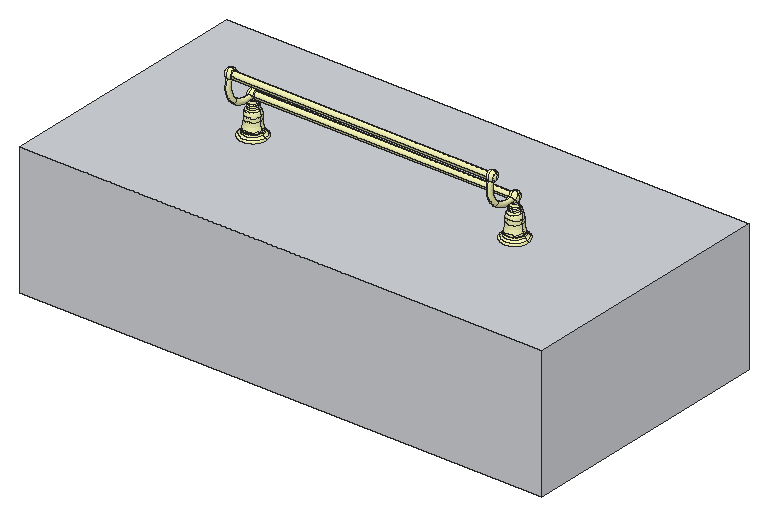
Revit family
Parameters (values of type "Nickel-Vibrant_Brushed_Nickel-BN")
  Width = 2' - 0"
  URL = "http://www.us.kohler.com"
  Product Page URL = "http://www.us.kohler.com/onlinecatalog/detail.jsp?prod_num=13503"
  Product Documentation Link = "http://www.us.kohler.com/onlinecatalog/pdf/1116341_4.pdf"
  Model = "K-13503"  # constant formula
  Manufacturer = "Kohler"  # constant formula
  Length = 0' - 6 11/16"
  Height = 0' - 4 5/16"
  Finish = Nickel-Kohler-BN-Vibrant_Brushed_Nickel
  Description = "Kelston 24inch double towel bar"  # constant formula
  Default Elevation = 0' - 0"
  Created By = "http://medialab3dstudio.com/"
  Assembly Code = "C1030200"
  ADA Compliant = no
Reference planes (in)
  plane 1 "Center (Front/Back)": y = 0
  plane 2 "Back": z = 0
  plane 3 "Center (Left/Right)": x = 0
  plane 4 "Left/Center": x = -12
  plane 5 "Right/Center": x = 12
  plane 6 "Top": y = 1.21847
  plane 7 "1": y = -1.21847
  plane 8 "3": z = 3.875
  plane 9: z = 3.39995
  plane 10: z = 5.93709
  plane 11: z = 6.16548
  plane 12: x = -13.23194
  plane 13: x = 13.23194
  plane 14 "Front": z = 6.6875
  plane 15 "Bottom": y = -3.09403
Forms (in)
  Extrusion 1, solid
    sketch origin (0, 0, 0) x (1, 0, 0) y (0, 1, 0)
      loop
        line (-24, 12) -> (-24, -11.71124) -> (23.84302, -11.71124) -> (23.84302, 12) -> (-24, 12)
    from 0 to -12
  Extrusion 2, solid, material "Nickel-Kohler-BN-Vibrant_Brushed_Nickel" <- "Finish"
    sketch origin (0, 0, 0) x (0, 1, 0) y (0, 0, 1)
      loop
        arc (0.30282, 3.39995) -> (0.21412, 3.61407) -> (0, 3.70276) r 0.30282
        arc (0, 3.70276) -> (-0.21412, 3.61407) -> (-0.30282, 3.39995) r 0.30282
        arc (-0.30282, 3.39995) -> (-0.21412, 3.18582) -> (0, 3.09713) r 0.30282
        arc (0, 3.09713) -> (0.21412, 3.18582) -> (0.30282, 3.39995) r 0.30282
    from -12 to 12
  Sweep 3, solid, material "Nickel-Kohler-BN-Vibrant_Brushed_Nickel" <- "Finish"
    path origin (-3, 0, 0) x (0, 1, 0) y (0, 0, 1)
      loop
        arc (-2.75013, 5.91998) -> (-2.83271, 4.80006) -> (-2.25175, 3.83906) r 1.84818
        arc (-2.25175, 3.83906) -> (-1.33087, 3.36423) -> (-0.29481, 3.37306) r 2.15913
    profile origin (-3, -2.83271, 4.80006) x (0, 0.972498, 0.232912) y (1, 0, 0)
      loop
        circle (0, -9) r 0.21143
  Revolve 4, solid, material "Nickel-Kohler-BN-Vibrant_Brushed_Nickel" <- "Finish"
    sketch origin (-12, -2.57239, -0.02977) x (1, 0, 0) y (0, 0, 1)
      loop
        line (-0.40099, 6.25996) -> (0.24386, 6.25996) -> (0.24386, 6.59502)
        arc (0.24386, 6.59502) -> (0.12774, 6.6902) -> (-0.01981, 6.71797) r 0.30307
        arc (-0.01981, 6.71797) -> (-0.17539, 6.67528) -> (-0.30137, 6.5745) r 0.39917
        arc (-0.30137, 6.5745) -> (-0.38191, 6.42696) -> (-0.40099, 6.25996) r 0.43832
      axis (-0.40099, 6.25996) -> (0.24386, 6.25996)
    angle from 0 to 360
  Sweep 5, solid, material "Nickel-Kohler-BN-Vibrant_Brushed_Nickel" <- "Finish"
    path origin (12, 0, 0) x (0, 1, 0) y (0, 0, -1)
      loop
        arc (-2.75013, -5.91998) -> (-2.83271, -4.80006) -> (-2.25175, -3.83906) r 1.84818
        arc (-2.25175, -3.83906) -> (-1.33087, -3.36423) -> (-0.29481, -3.37306) r 2.15913
    profile origin (12, -2.83271, 4.80006) x (0, -0.972498, -0.232912) y (-1, 0, 0)
      loop
        circle (0, 0) r 0.21143
  Revolve 6, solid, material "Nickel-Kohler-BN-Vibrant_Brushed_Nickel" <- "Finish"
    sketch origin (6, -2.57239, -0.02977) x (-1, 0, 0) y (0, 0, -1)
      loop
        arc (-6.40099, -6.25996) -> (-6.38191, -6.42696) -> (-6.30137, -6.5745) r 0.43832
        arc (-6.30137, -6.5745) -> (-6.17539, -6.67528) -> (-6.0198, -6.71797) r 0.39917
        arc (-6.0198, -6.71797) -> (-5.87225, -6.6902) -> (-5.75614, -6.59502) r 0.30307
        line (-5.75614, -6.59502) -> (-5.75614, -6.25996) -> (-6.40099, -6.25996)
      axis (-6.40099, -6.25996) -> (-5.75614, -6.25996)
    angle from 0 to 360
  Extrusion 7, solid, material "Nickel-Kohler-BN-Vibrant_Brushed_Nickel" <- "Finish"
    sketch origin (0, -2.57196, 2.76554) x (0, 1, 0) y (0, 0, 1)
      loop
        arc (0.30282, 3.39995) -> (0.21412, 3.61407) -> (0, 3.70276) r 0.30282
        arc (0, 3.70276) -> (-0.21412, 3.61407) -> (-0.30282, 3.39995) r 0.30282
        arc (-0.30282, 3.39995) -> (-0.21412, 3.18582) -> (0, 3.09713) r 0.30282
        arc (0, 3.09713) -> (0.21412, 3.18582) -> (0.30282, 3.39995) r 0.30282
    from -12 to 12
Cuts and joins
  joined: Sweep 3, Revolve 4, Sweep 5, Revolve 6, Extrusion 7
Lines and regions (in)
  Masking region 1, detail levels medium+fine
    outline origin (0, 0, 0) x (1, 0, 0) y (0, 0, 1)
      loop
        line (-13.205, 0) -> (-12, 0) -> (-10.795, 0)
        arc (-10.795, 0) -> (-10.82927, 0.08442) -> (-10.91109, 0.1245) r 0.12769
        arc (-10.91109, 0.1245) -> (-11.0317, 0.21839) -> (-11.11247, 0.34815) r 0.4358
        arc (-11.11247, 0.34815) -> (-11.13446, 0.40388) -> (-11.18067, 0.44202) r 0.11991
        arc (-11.18067, 0.44202) -> (-11.20461, 0.47615) -> (-11.21257, 0.51707) r 0.10007
        line (-11.21257, 0.51707) -> (-11.21037, 0.64088)
        arc (-11.21037, 0.64088) -> (-11.30627, 1.01491) -> (-11.32811, 1.40042) r 1.98943
        line (-11.32811, 1.40042) -> (-11.32347, 1.75014)
        arc (-11.32347, 1.75014) -> (-11.34473, 1.94982) -> (-11.4126, 2.13881) r 0.84336
        line (-11.4126, 2.13881) -> (-11.53367, 2.35256)
        arc (-11.53367, 2.35256) -> (-11.54505, 2.42376) -> (-11.54369, 2.49585) r 0.40715
        arc (-11.54369, 2.49585) -> (-11.54917, 2.53703) -> (-11.57303, 2.57103) r 0.08744
        line (-11.57303, 2.57103) -> (-11.65404, 2.65446)
        arc (-11.65404, 2.65446) -> (-11.72922, 2.80679) -> (-11.71335, 2.97591) r 0.31166
        arc (-11.71335, 2.97591) -> (-11.71725, 3.05011) -> (-11.77529, 3.09651) r 0.09071
        line (-11.77529, 3.09651) -> (11.77529, 3.09651)
        arc (11.77529, 3.09651) -> (11.71725, 3.05011) -> (11.71335, 2.97591) r 0.09071
        arc (11.71335, 2.97591) -> (11.72922, 2.80679) -> (11.65404, 2.65446) r 0.31166
        line (11.65404, 2.65446) -> (11.57303, 2.57103)
        arc (11.57303, 2.57103) -> (11.54917, 2.53703) -> (11.54369, 2.49585) r 0.08744
        arc (11.54369, 2.49585) -> (11.54505, 2.42376) -> (11.53367, 2.35256) r 0.40715
        line (11.53367, 2.35256) -> (11.4126, 2.13881)
        arc (11.4126, 2.13881) -> (11.34473, 1.94982) -> (11.32347, 1.75014) r 0.84336
        line (11.32347, 1.75014) -> (11.32811, 1.40042)
        arc (11.32811, 1.40042) -> (11.30627, 1.01491) -> (11.21037, 0.64088) r 1.98943
        line (11.21037, 0.64088) -> (11.21257, 0.51707)
        arc (11.21257, 0.51707) -> (11.20461, 0.47615) -> (11.18067, 0.44202) r 0.10007
        arc (11.18067, 0.44202) -> (11.13446, 0.40388) -> (11.11247, 0.34815) r 0.11991
        arc (11.11247, 0.34815) -> (11.0317, 0.21839) -> (10.91109, 0.1245) r 0.4358
        arc (10.91109, 0.1245) -> (10.82927, 0.08442) -> (10.795, 0) r 0.12769
        line (10.795, 0) -> (12.02694, 0) -> (13.23194, 0)
        arc (13.23194, 0) -> (13.19767, 0.08442) -> (13.11585, 0.1245) r 0.12769
        arc (13.11585, 0.1245) -> (12.99524, 0.21839) -> (12.91447, 0.34815) r 0.4358
        arc (12.91447, 0.34815) -> (12.89248, 0.40388) -> (12.84627, 0.44202) r 0.11991
        arc (12.84627, 0.44202) -> (12.82233, 0.47615) -> (12.81437, 0.51707) r 0.10007
        line (12.81437, 0.51707) -> (12.81657, 0.64088)
        arc (12.81657, 0.64088) -> (12.72067, 1.01491) -> (12.69883, 1.40042) r 1.98943
        line (12.69883, 1.40042) -> (12.70347, 1.75014)
        arc (12.70347, 1.75014) -> (12.68221, 1.94982) -> (12.61434, 2.13881) r 0.84336
        line (12.61434, 2.13881) -> (12.49327, 2.35256)
        arc (12.49327, 2.35256) -> (12.4819, 2.42376) -> (12.48325, 2.49585) r 0.40715
        arc (12.48325, 2.49585) -> (12.47777, 2.53703) -> (12.45391, 2.57103) r 0.08744
        line (12.45391, 2.57103) -> (12.3729, 2.65446)
        arc (12.3729, 2.65446) -> (12.29772, 2.80679) -> (12.31359, 2.97591) r 0.31166
        arc (12.31359, 2.97591) -> (12.30969, 3.05011) -> (12.25165, 3.09651) r 0.09071
        line (12.25165, 3.09651) -> (12.31007, 3.09651)
        arc (12.31007, 3.09651) -> (12.36856, 3.24414) -> (12.39919, 3.39995) r 0.86885
        arc (12.39919, 3.39995) -> (12.36099, 3.62205) -> (12.213, 3.79203) r 0.41794
        line (12.213, 3.79203) -> (12.213, 5.83821)
        arc (12.213, 5.83821) -> (12.33684, 5.98928) -> (12.40266, 6.1732) r 0.57234
        arc (12.40266, 6.1732) -> (12.31378, 6.51763) -> (12, 6.68517) r 0.4422
        arc (12, 6.68517) -> (11.86196, 6.65895) -> (11.75614, 6.56653) r 0.26813
        line (11.75614, 6.56653) -> (11.75614, 6.53337) -> (-11.7292, 6.53337) -> (-11.7292, 6.56525)
        arc (-11.7292, 6.56525) -> (-11.83783, 6.6529) -> (-11.97306, 6.6875) r 0.32826
        arc (-11.97306, 6.6875) -> (-12.28562, 6.51493) -> (-12.36859, 6.16766) r 0.44186
        arc (-12.36859, 6.16766) -> (-12.33148, 5.94442) -> (-12.18522, 5.77172) r 0.42581
        line (-12.18522, 5.77172) -> (-12.18522, 3.79116)
        arc (-12.18522, 3.79116) -> (-12.33499, 3.62188) -> (-12.37781, 3.39995) r 0.42854
        arc (-12.37781, 3.39995) -> (-12.35483, 3.24063) -> (-12.28313, 3.09651) r 0.50772
        line (-12.28313, 3.09651) -> (-12.22471, 3.09651)
        arc (-12.22471, 3.09651) -> (-12.28275, 3.05011) -> (-12.28665, 2.97591) r 0.09071
        arc (-12.28665, 2.97591) -> (-12.27078, 2.80679) -> (-12.34596, 2.65446) r 0.31166
        line (-12.34596, 2.65446) -> (-12.42697, 2.57103)
        arc (-12.42697, 2.57103) -> (-12.45083, 2.53703) -> (-12.45631, 2.49585) r 0.08744
        arc (-12.45631, 2.49585) -> (-12.45495, 2.42376) -> (-12.46633, 2.35256) r 0.40715
        line (-12.46633, 2.35256) -> (-12.5874, 2.13881)
        arc (-12.5874, 2.13881) -> (-12.65527, 1.94982) -> (-12.67653, 1.75014) r 0.84336
        line (-12.67653, 1.75014) -> (-12.67189, 1.40042)
        arc (-12.67189, 1.40042) -> (-12.69373, 1.01491) -> (-12.78963, 0.64088) r 1.98943
        line (-12.78963, 0.64088) -> (-12.78743, 0.51707)
        arc (-12.78743, 0.51707) -> (-12.79539, 0.47615) -> (-12.81933, 0.44202) r 0.10007
        arc (-12.81933, 0.44202) -> (-12.86554, 0.40388) -> (-12.88753, 0.34815) r 0.11991
        arc (-12.88753, 0.34815) -> (-12.9683, 0.21839) -> (-13.08891, 0.1245) r 0.4358
        arc (-13.08891, 0.1245) -> (-13.17073, 0.08442) -> (-13.205, 0) r 0.12769
      loop
        arc (-11.76377, 3.7796) -> (-11.7427, 3.76204) -> (-11.72295, 3.74303) r 0.38319
        line (-11.72295, 3.74303) -> (-11.72295, 3.70541) -> (11.74989, 3.70541) -> (11.74989, 3.74303)
        arc (11.74989, 3.74303) -> (11.76924, 3.76246) -> (11.79001, 3.78038) r 0.36246
        line (11.79001, 3.78038) -> (11.79001, 5.79557)
        arc (11.79001, 5.79557) -> (11.77247, 5.81222) -> (11.75614, 5.83006) r 0.34747
        line (11.75614, 5.83006) -> (11.75614, 5.86267) -> (-11.73116, 5.86267) -> (-11.73116, 5.82681)
        arc (-11.73116, 5.82681) -> (-11.74482, 5.80786) -> (-11.76377, 5.7942) r 0.0729
        line (-11.76377, 5.7942) -> (-11.76377, 3.7796)
  Masking region 2, detail levels coarse
    outline origin (0, 0, 0) x (1, 0, 0) y (0, 0, 1)
      loop
        line (-13.23194, 6.6875) -> (-13.23194, 0) -> (13.23194, 0) -> (13.23194, 6.6875) -> (-13.23194, 6.6875)
  Masking region 3, detail levels coarse
    outline origin (0, 0, 0) x (1, 0, 0) y (0, 1, 0)
      loop
        line (-13.23194, 1.21847) -> (-13.23194, -3.09403) -> (13.23194, -3.09403) -> (13.23194, 1.21847) -> (-13.23194, 1.21847)
  Masking region 4, detail levels medium+fine
    outline origin (0, 0, 0) x (1, 0, 0) y (0, 1, 0)
      loop
        arc (-13.23194, 0) -> (-12.94253, -0.78837) -> (-12.21177, -1.20223) r 1.21847
        line (-12.21177, -1.20223) -> (-12.21177, -2.17158)
        arc (-12.21177, -2.17158) -> (-12.40436, -2.57861) -> (-12.18868, -2.97389) r 0.49644
        arc (-12.18868, -2.97389) -> (-11.97905, -3.0934) -> (-11.79081, -2.94242) r 0.2146
        arc (-11.79081, -2.94242) -> (-11.76172, -2.91162) -> (-11.75614, -2.86961) r 0.06894
        line (-11.75614, -2.86961) -> (11.75614, -2.86961)
        arc (11.75614, -2.86961) -> (11.76277, -2.91606) -> (11.79013, -2.95418) r 0.09852
        arc (11.79013, -2.95418) -> (12.00043, -3.09402) -> (12.20644, -2.94793) r 0.22304
        arc (12.20644, -2.94793) -> (12.40887, -2.55912) -> (12.20644, -2.1703) r 0.47461
        line (12.20644, -2.1703) -> (12.20644, -1.2031)
        arc (12.20644, -1.2031) -> (12.94078, -0.79043) -> (13.23194, 0) r 1.21847
        arc (13.23194, 0) -> (12.16211, 1.20937) -> (10.83126, 0.29505) r 1.21847
        line (10.83126, 0.29505) -> (-10.83126, 0.29505)
        arc (-10.83126, 0.29505) -> (-12.16211, 1.20937) -> (-13.23194, 0) r 1.21847
      loop
        line (-11.78956, -1.19772) -> (-11.78956, -2.19423)
        arc (-11.78956, -2.19423) -> (-11.76272, -2.22561) -> (-11.74547, -2.26312) r 0.1498
        line (-11.74547, -2.26312) -> (11.75618, -2.26312)
        arc (11.75618, -2.26312) -> (11.76537, -2.22474) -> (11.78772, -2.19221) r 0.10806
        line (11.78772, -2.19221) -> (11.78772, -1.19738)
        arc (11.78772, -1.19738) -> (11.18077, -0.88954) -> (10.83358, -0.3042) r 1.21847
        line (10.83358, -0.3042) -> (-10.83358, -0.3042)
        arc (-10.83358, -0.3042) -> (-11.18145, -0.89018) -> (-11.78956, -1.19772) r 1.21847
  Masking region 5, detail levels coarse
    outline origin (0, 0, 0) x (0, 1, 0) y (0, 0, 1)
      loop
        line (1.21847, 6.6875) -> (-3.09403, 6.6875) -> (-3.09403, 0) -> (1.21847, 0) -> (1.21847, 6.6875)
  Masking region 6, detail levels medium+fine
    outline origin (0, 0, 0) x (0, 1, 0) y (0, 0, 1)
      loop
        arc (1.21847, 0) -> (1.1842, 0.08442) -> (1.10238, 0.1245) r 0.12769
        arc (1.10238, 0.1245) -> (0.98177, 0.21839) -> (0.901, 0.34815) r 0.4358
        arc (0.901, 0.34815) -> (0.87901, 0.40388) -> (0.8328, 0.44202) r 0.11991
        arc (0.8328, 0.44202) -> (0.80886, 0.47615) -> (0.8009, 0.51707) r 0.10007
        line (0.8009, 0.51707) -> (0.8031, 0.64088)
        arc (0.8031, 0.64088) -> (0.7072, 1.01491) -> (0.68536, 1.40042) r 1.98943
        line (0.68536, 1.40042) -> (0.69, 1.75014)
        arc (0.69, 1.75014) -> (0.66874, 1.94982) -> (0.60087, 2.13881) r 0.84336
        line (0.60087, 2.13881) -> (0.4798, 2.35256)
        arc (0.4798, 2.35256) -> (0.46843, 2.42376) -> (0.46978, 2.49585) r 0.40715
        arc (0.46978, 2.49585) -> (0.4643, 2.53703) -> (0.44044, 2.57103) r 0.08744
        line (0.44044, 2.57103) -> (0.35943, 2.65446)
        arc (0.35943, 2.65446) -> (0.28425, 2.80679) -> (0.30012, 2.97591) r 0.31166
        arc (0.30012, 2.97591) -> (0.29622, 3.05011) -> (0.23818, 3.09651) r 0.09071
        line (0.23818, 3.09651) -> (0.34531, 3.09651)
        arc (0.34531, 3.09651) -> (0.41881, 3.58945) -> (0, 3.85963) r 0.45969
        arc (0, 3.85963) -> (-0.25426, 3.78291) -> (-0.42365, 3.57836) r 0.45969
        arc (-0.42365, 3.57836) -> (-2.13723, 4.03854) -> (-2.5641, 5.76072) r 1.74673
        arc (-2.5641, 5.76072) -> (-2.33615, 6.63153) -> (-2.95398, 5.97689) r 0.46454
        arc (-2.95398, 5.97689) -> (-2.50767, 3.79377) -> (-0.37797, 3.13831) r 2.18423
        arc (-0.37797, 3.13831) -> (-0.36224, 3.11694) -> (-0.34531, 3.09651) r 0.45969
        line (-0.34531, 3.09651) -> (-0.23818, 3.09651)
        arc (-0.23818, 3.09651) -> (-0.29622, 3.05011) -> (-0.30012, 2.97591) r 0.09071
        arc (-0.30012, 2.97591) -> (-0.28425, 2.80679) -> (-0.35943, 2.65446) r 0.31166
        line (-0.35943, 2.65446) -> (-0.44044, 2.57103)
        arc (-0.44044, 2.57103) -> (-0.4643, 2.53703) -> (-0.46978, 2.49585) r 0.08744
        arc (-0.46978, 2.49585) -> (-0.46843, 2.42376) -> (-0.4798, 2.35256) r 0.40715
        line (-0.4798, 2.35256) -> (-0.60087, 2.13881)
        arc (-0.60087, 2.13881) -> (-0.66874, 1.94982) -> (-0.69, 1.75014) r 0.84336
        line (-0.69, 1.75014) -> (-0.68536, 1.40042)
        arc (-0.68536, 1.40042) -> (-0.7072, 1.01491) -> (-0.8031, 0.64088) r 1.98943
        line (-0.8031, 0.64088) -> (-0.8009, 0.51707)
        arc (-0.8009, 0.51707) -> (-0.80886, 0.47615) -> (-0.8328, 0.44202) r 0.10007
        arc (-0.8328, 0.44202) -> (-0.87901, 0.40388) -> (-0.901, 0.34815) r 0.11991
        arc (-0.901, 0.34815) -> (-0.98177, 0.21839) -> (-1.10238, 0.1245) r 0.4358
        arc (-1.10238, 0.1245) -> (-1.1842, 0.08442) -> (-1.21847, 0) r 0.12769
        line (-1.21847, 0) -> (0, 0) -> (1.21847, 0)
  symbolic lines, detail levels fine
    curve 1: arc (-12.21217, 0, 5.77172) -> (-11.99742, 0, 5.70756) -> (-11.79072, 0, 5.7942) r 0.33265
    curve 2: line (-11.75614, 0, 6.53337) -> (-11.75614, 0, 5.86267)
    curve 3: arc (-12.21217, 0, 3.80653) -> (-12.11764, 0, 3.85475) -> (-12.01347, 0, 3.875) r 0.38062
    curve 4: arc (-12.01347, 0, 3.875) -> (-11.89404, 0, 3.85739) -> (-11.79072, 0, 3.79496) r 0.30602
    curve 5: line (-11.74989, 0, 3.72078) -> (-11.74989, 0, 3.11188)
    curve 6: line (-11.74989, 0, 3.11188) -> (-12.25165, 0, 3.11188)
    curve 7: line (11.74989, 0, 3.09651) -> (11.74989, 0, 3.75839)
    curve 8: line (12.31007, 0, 3.09651) -> (11.74989, 0, 3.09651)
    curve 9: arc (11.79001, 0, 3.79575) -> (11.89539, 0, 3.85328) -> (12.01347, 0, 3.875) r 0.37944
    curve 10: arc (12.01347, 0, 3.875) -> (12.11921, 0, 3.85883) -> (12.213, 0, 3.8074) r 0.30742
    curve 12: arc (11.79001, 0, 5.79557) -> (11.99638, 0, 5.70646) -> (12.213, 0, 5.76648) r 0.33801
    curve 13: line (11.78772, -1.19738, 0) -> (11.78772, -0.3042, 0)
    curve 14: line (12.20644, -1.2031, 0) -> (12.20644, -0.30324, 0)
    curve 15: arc (10.95131, 0.29505, 0) -> (12.16236, 1.09228, 0) -> (13.11585, 0, 0) r 1.10238
    curve 16: arc (13.11585, 0, 0) -> (12.85844, -0.708, 0) -> (12.20644, -1.08536, 0) r 1.10238
    curve 17: arc (12.81657, 0, 0) -> (12.6459, -0.49498, 0) -> (12.20644, -0.77957, 0) r 0.8031
    curve 18: arc (11.26654, 0.29505, 0) -> (12.16365, 0.78894, 0) -> (12.81657, 0, 0) r 0.8031
    curve 19: arc (11.39487, 0.29505, 0) -> (12.16473, 0.66846, 0) -> (12.69883, 0, 0) r 0.68536
    curve 20: arc (12.69883, 0, 0) -> (12.56209, -0.41077, 0) -> (12.20644, -0.65764, 0) r 0.68536
    curve 21: arc (12.49328, 0, 0) -> (12.41522, -0.26232, 0) -> (12.20644, -0.43929, 0) r 0.4798
    curve 22: arc (11.63511, 0.29505, 0) -> (12.16948, 0.45373, 0) -> (12.49328, 0, 0) r 0.4798
    curve 23: line (10.83358, -0.3042, 0) -> (11.82201, -0.3042, 0)
    curve 24: line (10.83126, 0.29505, 0) -> (11.8082, 0.29505, 0)
    curve 25: arc (11.8082, 0.29505, 0) -> (12.17992, 0.31857, 0) -> (12.37291, 0, 0) r 0.35943
    curve 26: arc (12.37291, 0, 0) -> (11.84702, -0.31857, 0) -> (11.8082, 0.29505, 0) r 0.35943
    curve 27: line (-12.21177, -1.20223, 0) -> (-12.21177, -0.29978, 0)
    curve 28: line (-11.78956, -1.19772, 0) -> (-11.78956, -0.3042, 0)
    curve 29: arc (-11.65404, 0, 0) -> (-12.01347, -0.35943, 0) -> (-12.37291, 0, 0) r 0.35943
    curve 30: arc (-12.37291, 0, 0) -> (-12.01347, 0.35943, 0) -> (-11.65404, 0, 0) r 0.35943
    curve 31: arc (-10.9539, -0.3042, 0) -> (-11.26376, -0.80819, 0) -> (-11.78956, -1.0794, 0) r 1.10238
    curve 32: arc (-12.21177, -1.0844, 0) -> (-12.82728, 0.74361, 0) -> (-10.95131, 0.29505, 0) r 1.10238
    curve 33: arc (-12.21177, -0.80884, 0) -> (-12.63708, 0.55197, 0) -> (-11.23469, 0.29505, 0) r 0.8328
    curve 34: arc (-11.23822, -0.3042, 0) -> (-11.45529, -0.61805, 0) -> (-11.78956, -0.80213, 0) r 0.8328
    curve 35: arc (-11.39932, -0.3042, 0) -> (-11.5606, -0.51442, 0) -> (-11.78956, -0.64775, 0) r 0.68536
    curve 36: arc (-12.21177, -0.65605, 0) -> (-12.53339, 0.44655, 0) -> (-11.39487, 0.29505, 0) r 0.68536
    curve 37: arc (-12.21177, -0.43691, 0) -> (-12.39036, 0.29693, 0) -> (-11.63511, 0.29505, 0) r 0.4798
    curve 38: arc (-11.64242, -0.3042, 0) -> (-11.70999, -0.37163, 0) -> (-11.78956, -0.42435, 0) r 0.4798
    curve 39: arc (10.92695, -0.3042, 0) -> (11.24624, -0.81683, 0) -> (11.78772, -1.0843, 0) r 1.10238
    curve 40: arc (11.24327, -0.3042, 0) -> (11.45925, -0.60577, 0) -> (11.78772, -0.77811, 0) r 0.8031
    curve 41: arc (11.37237, -0.3042, 0) -> (11.54364, -0.52304, 0) -> (11.78772, -0.6559, 0) r 0.68536
    curve 42: arc (11.61548, -0.3042, 0) -> (11.694, -0.38032, 0) -> (11.78772, -0.43668, 0) r 0.4798
    curve 43: line (-10.83126, 0.29505, 0) -> (-11.8082, 0.29505, 0)
    curve 44: line (-10.83358, -0.3042, 0) -> (-11.82201, -0.3042, 0)
    curve 45: arc (-11.78956, -2.19423, 0) -> (-11.99655, -2.10618, 0) -> (-12.21177, -2.17158, 0) r 0.32927
    curve 46: arc (-12.21177, -2.95708, 0) -> (-11.99701, -3.02941, 0) -> (-11.78956, -2.93818, 0) r 0.31367
    curve 47: arc (11.78772, -2.19221, 0) -> (11.9933, -2.10903, 0) -> (12.20644, -2.1703, 0) r 0.34002
    curve 48: arc (11.79013, -2.95418, 0) -> (11.99939, -3.02471, 0) -> (12.20644, -2.94793, 0) r 0.33099
    curve 49: line (0, -0.34531, 3.09651) -> (0, 0.34531, 3.09651)
    curve 50: arc (0, -0.42365, 3.57836) -> (0, -0.45373, 3.32617) -> (0, -0.34531, 3.09651) r 0.45969
    curve 51: line (0, -2.56349, 5.76274) -> (0, -2.95398, 5.97689)
  symbolic lines
    curve 11: line (11.75614, 0, 6.56525) -> (11.75614, 0, 5.83006)
Dimensions and locks (in)
  equal spacing: plane 4 "Left/Center", plane 3 "Center (Left/Right)", plane 5 "Right/Center"
  "Width": plane 4 "Left/Center" to plane 5 "Right/Center"
  equal spacing: plane 6 "Top", plane 1 "Center (Front/Back)", plane 7 "1"
  "Height": plane 6 "Top" to plane 15 "Bottom"
  "Length": plane 14 "Front" to plane 2 "Back"
  locked: plane 13 to plane 5 "Right/Center" at 1.23194
  locked: plane 4 "Left/Center" to plane 12 at 1.23194
  aligned and locked: plane 2 "Back" to Extrusion 1
  aligned and locked: level to Extrusion 1
  aligned: plane 5 "Right/Center" to nested 1
  aligned and locked: plane 1 "Center (Front/Back)" to nested 1
  aligned: plane 4 "Left/Center" to nested 2
  aligned and locked: nested 2 to plane 1 "Center (Front/Back)"
  aligned: plane 8 "3" to nested 2
  aligned: nested 1 to plane 8 "3"
  aligned and locked: nested 2 to plane 2 "Back"
  aligned and locked: plane 2 "Back" to nested 1
  aligned and locked: nested 1 to plane 9
  aligned and locked: plane 1 "Center (Front/Back)" to Extrusion 2 sketch curve
  aligned and locked: nested 1 to Extrusion 2 sketch curve  (x3)
  aligned and locked: plane 5 "Right/Center" to Extrusion 2
  aligned and locked: Extrusion 2 to plane 4 "Left/Center"
  aligned and locked: plane 6 "Top" to nested 2
  aligned and locked: plane 7 "1" to nested 2
  aligned and locked: nested 1 to plane 7 "1"
  aligned and locked: nested 1 to plane 6 "Top"
  aligned and locked: Revolve 4 sketch curve to Revolve 4 sketch curve
  aligned and locked: Revolve 6 sketch curve to Revolve 6 sketch curve
  aligned: plane 5 "Right/Center" to Sweep 5
  aligned: plane 4 "Left/Center" to cut or joined group of Sweep 3, Revolve 4, Sweep 5, Revolve 6, Extrusion 7
  aligned: plane 10 to cut or joined group of Sweep 3, Revolve 4, Sweep 5, Revolve 6, Extrusion 7
  aligned and locked: nested 2 to plane 12
  aligned and locked: nested 1 to plane 13
  aligned and locked: nested 1 to Masking region 1 sketch curve
  aligned and locked: Masking region 2 sketch curve to plane 13
  aligned and locked: plane 2 "Back" to Masking region 2 sketch curve
  aligned and locked: plane 12 to Masking region 2 sketch curve
  aligned and locked: Masking region 2 sketch curve to plane 14 "Front"
  aligned and locked: curve 7 to nested 1
  aligned and locked: curve 8 to nested 1
  aligned and locked: Masking region 3 sketch curve to plane 6 "Top"
  aligned and locked: Masking region 3 sketch curve to plane 13
  aligned and locked: plane 15 "Bottom" to Masking region 3 sketch curve
  aligned and locked: plane 12 to Masking region 3 sketch curve
  aligned and locked: Masking region 4 sketch curve to nested 2  (x3)
  aligned and locked: Masking region 4 sketch curve to nested 1  (x3)
  aligned and locked: curve 15 to nested 1
  aligned and locked: curve 16 to nested 1
  aligned and locked: curve 17 to nested 1
  aligned and locked: curve 18 to nested 1
  aligned and locked: curve 19 to nested 1
  aligned and locked: curve 20 to nested 1
  aligned and locked: curve 21 to nested 1
  aligned and locked: curve 22 to nested 1
  aligned and locked: curve 25 to nested 1
  aligned and locked: curve 26 to nested 1
  aligned and locked: curve 29 to nested 2
  aligned and locked: curve 30 to nested 2
  aligned and locked: curve 31 to nested 2
  aligned and locked: curve 32 to nested 2
  aligned and locked: curve 33 to nested 2
  aligned and locked: curve 34 to nested 2
  aligned and locked: curve 35 to nested 2
  aligned and locked: curve 36 to nested 2
  aligned and locked: curve 37 to nested 2
  aligned and locked: curve 38 to nested 2
  aligned and locked: Masking region 5 sketch curve to plane 14 "Front"
  aligned and locked: plane 15 "Bottom" to Masking region 5 sketch curve
  aligned and locked: plane 2 "Back" to Masking region 5 sketch curve
  aligned and locked: Masking region 5 sketch curve to plane 6 "Top"
  aligned and locked: plane 5 "Right/Center" to Sweep 5
  aligned and locked: cut or joined group of Sweep 3, Revolve 4, Sweep 5, Revolve 6, Extrusion 7 to plane 4 "Left/Center"
  aligned and locked: plane 5 "Right/Center" to cut or joined group of Sweep 3, Revolve 4, Sweep 5, Revolve 6, Extrusion 7
  aligned and locked: Masking region 6 sketch curve to nested 1
  aligned and locked: Masking region 6 sketch curve to nested 2  (x3)
  aligned and locked: nested 2 to Masking region 6 sketch curve
  aligned and locked: curve 49 to nested 2
  aligned and locked: curve 50 to nested 2
Automatic sketch dimensions
  Extrusion 1 sketch curve to Extrusion 1 sketch curve = 3' - 11.84302"
  Extrusion 1 sketch curve to Extrusion 1 sketch curve = 1' - 11.71124"
  Extrusion 2 sketch curve to Extrusion 2 sketch curve = 0' - 0.30282"
  Sweep 3 sketch curve to plane 10 = 0' - 0.01711"
  Sweep 3 sketch curve to plane 7 "1" = 0' - 1.53166"
  Sweep 3 sketch curve to plane 8 "3" = 0' - 0.03594"
  Sweep 3 sketch curve to plane 7 "1" = 0' - 1.03328"
  Sweep 3 sketch curve to Sweep 3 sketch curve = 0' - 0"
  plane 7 "1" to Sweep 3 sketch curve = 0' - 0.18311"
  Sweep 3 sketch curve to Sweep 3 sketch curve = 0' - 0.20465"
  plane 1 "Center (Front/Back)" to Sweep 3 sketch curve = 0' - 0.29481"
  Sweep 3 sketch curve to profile plane = 0' - 0"
  Sweep 3 sketch curve to profile plane = 0' - 9"
  Sweep 5 sketch curve to plane 10 = 0' - 0.01711"
  Sweep 5 sketch curve to plane 7 "1" = 0' - 1.53166"
  Sweep 5 sketch curve to plane 8 "3" = 0' - 0.03594"
  Sweep 5 sketch curve to plane 7 "1" = 0' - 1.03328"
  Sweep 5 sketch curve to Sweep 5 sketch curve = 0' - 0"
  plane 7 "1" to Sweep 5 sketch curve = 0' - 0.18311"
  Sweep 5 sketch curve to Sweep 5 sketch curve = 0' - 0.20465"
  plane 1 "Center (Front/Back)" to Sweep 5 sketch curve = 0' - 0.29481"
  profile plane to Sweep 5 sketch curve = 0' - 0"
  Sweep 5 sketch curve to profile plane = 0' - 0"
  Extrusion 7 sketch curve to Extrusion 7 sketch curve = 0' - 0"  (x12)
  plane 11 to Extrusion 7 sketch curve = 0' - 0"
  plane 1 "Center (Front/Back)" to Extrusion 7 sketch curve = 0' - 2.57196"
  plane 1 "Center (Front/Back)" to Extrusion 7 sketch curve = 0' - 2.87478"
  curve 4 to plane 8 "3" = 0' - 0"
  curve 3 to plane 8 "3" = 0' - 0"
  curve 9 to plane 8 "3" = 0' - 0"
  curve 10 to plane 8 "3" = 0' - 0"
  plane 4 "Left/Center" to curve 5 = 0' - 0.25011"
  curve 2 to plane 10 = 0' - 0.07442"
  plane 4 "Left/Center" to curve 2 = 0' - 0.24386"
  curve 4 to curve 5 = 0' - 0.04082"
  curve 1 to curve 2 = 0' - 0.03458"
  plane 4 "Left/Center" to curve 3 = 0' - 0.00637"
  plane 4 "Left/Center" to curve 4 = 0' - 0.00248"
  curve 3 to plane 4 "Left/Center" = 0' - 0.01347"
  curve 1 to plane 4 "Left/Center" = 0' - 0.01514"
  curve 1 to plane 4 "Left/Center" = 0' - 0.21217"
  curve 3 to plane 8 "3" = 0' - 0.06847"
  curve 3 to curve 4 = 0' - 0.19869"
  curve 6 to plane 4 "Left/Center" = 0' - 0.25165"
  curve 7 to curve 9 = 0' - 0.04012"
  curve 11 to curve 12 = 0' - 0.03387"
  plane 5 "Right/Center" to curve 9 = 0' - 0.01347"
  plane 5 "Right/Center" to curve 12 = 0' - 0.01957"
  plane 5 "Right/Center" to curve 10 = 0' - 0.02056"
  plane 5 "Right/Center" to curve 9 = 0' - 0.02223"
  curve 10 to plane 8 "3" = 0' - 0.0676"
  curve 9 to curve 10 = 0' - 0.19953"
  plane 5 "Right/Center" to curve 12 = 0' - 0.213"
  plane 5 "Right/Center" to curve 8 = 0' - 0.31007"
  curve 6 to curve 3 = 0' - 0.38302"
  curve 5 to curve 4 = 0' - 0.07419"
  curve 7 to curve 9 = 0' - 0.03735"
  curve 12 to plane 10 = 0' - 0.1706"
  curve 1 to plane 10 = 0' - 0.16537"
  curve 1 to curve 2 = 0' - 0.06847"
  curve 12 to curve 12 = 0' - 0.02908"
  curve 12 to curve 11 = 0' - 0.03449"
  curve 2 to plane 14 "Front" = 0' - 0.15413"
  curve 11 to plane 14 "Front" = 0' - 0.12225"
  Revolve 4 sketch curve to plane 4 "Left/Center" = 0' - 0.40099"
  Revolve 4 sketch curve to Revolve 4 sketch curve = 0' - 0"  (x4)
  Revolve 4 sketch curve to plane 14 "Front" = 0' - 0.14277"
  Revolve 4 sketch curve to plane 4 "Left/Center" = 0' - 0.30137"
  plane 14 "Front" to Revolve 4 sketch curve = 0' - 0.0007"
  Revolve 4 sketch curve to plane 4 "Left/Center" = 0' - 0.01981"
  Revolve 4 sketch curve to plane 4 "Left/Center" = 0' - 0.00034"
  plane 4 "Left/Center" to Revolve 4 sketch curve = 0' - 0.00583"
  plane 4 "Left/Center" to Revolve 4 sketch curve = 0' - 0.03596"
  Revolve 4 sketch curve to plane 14 "Front" = 0' - 0.12225"
  plane 5 "Right/Center" to Revolve 6 sketch curve = 0' - 0.40099"
  Revolve 6 sketch curve to Revolve 6 sketch curve = 0' - 0"  (x4)
  Revolve 6 sketch curve to plane 14 "Front" = 0' - 0.14277"
  plane 5 "Right/Center" to Revolve 6 sketch curve = 0' - 0.30137"
  plane 14 "Front" to Revolve 6 sketch curve = 0' - 0.0007"
  plane 5 "Right/Center" to Revolve 6 sketch curve = 0' - 0.0198"
  plane 5 "Right/Center" to Revolve 6 sketch curve = 0' - 0.00034"
  Revolve 6 sketch curve to plane 5 "Right/Center" = 0' - 0.00583"
  Revolve 6 sketch curve to plane 5 "Right/Center" = 0' - 0.03596"
  Revolve 6 sketch curve to plane 14 "Front" = 0' - 0.12225"
  Masking region 4 sketch curve to plane 4 "Left/Center" = 0' - 0.21177"
  plane 15 "Bottom" to Masking region 4 sketch curve = 0' - 0.12014"
  Masking region 4 sketch curve to plane 4 "Left/Center" = 0' - 0.18868"
  plane 4 "Left/Center" to Masking region 4 sketch curve = 0' - 0.00403"
  plane 4 "Left/Center" to Masking region 4 sketch curve = 0' - 0.09188"
  plane 4 "Left/Center" to Masking region 4 sketch curve = 0' - 0.11111"
  Masking region 4 sketch curve to Masking region 4 sketch curve = 0' - 0.17201"
  Masking region 4 sketch curve to Masking region 4 sketch curve = 0' - 0.03314"
  Masking region 4 sketch curve to Masking region 4 sketch curve = 0' - 0.09933"
  Masking region 4 sketch curve to Masking region 4 sketch curve = 0' - 0.06782"
  Masking region 4 sketch curve to Masking region 4 sketch curve = 0' - 0.04409"
  plane 1 "Center (Front/Back)" to Masking region 4 sketch curve = 0' - 0.3042"
  Masking region 4 sketch curve to plane 1 "Center (Front/Back)" = 0' - 0.29505"
  Masking region 4 sketch curve to plane 5 "Right/Center" = 0' - 0.24386"
  Masking region 4 sketch curve to plane 5 "Right/Center" = 0' - 0.24382"
  plane 7 "1" to Masking region 4 sketch curve = 0' - 0.0211"
  Masking region 4 sketch curve to Masking region 4 sketch curve = 0' - 0.03398"
  Masking region 4 sketch curve to Masking region 4 sketch curve = 0' - 0.06406"
  Masking region 4 sketch curve to Masking region 4 sketch curve = 0' - 0.07638"
  Masking region 4 sketch curve to plane 5 "Right/Center" = 0' - 0.06573"
  Masking region 4 sketch curve to plane 5 "Right/Center" = 0' - 0.00292"
  plane 5 "Right/Center" to Masking region 4 sketch curve = 0' - 0.20644"  (x2)
  plane 15 "Bottom" to Masking region 4 sketch curve = 0' - 0.1461"
  Masking region 4 sketch curve to Masking region 4 sketch curve = 0' - 0.00625"
  plane 15 "Bottom" to Masking region 4 sketch curve = 0' - 0.1516"
  Masking region 4 sketch curve to Masking region 4 sketch curve = 0' - 0.06044"
  Masking region 4 sketch curve to Masking region 4 sketch curve = 0' - 0.31513"
  Masking region 4 sketch curve to Masking region 4 sketch curve = 0' - 0.31189"
  Masking region 4 sketch curve to Masking region 4 sketch curve = 0' - 0.25797"
  Masking region 4 sketch curve to Masking region 4 sketch curve = 0' - 0.29046"
  Masking region 4 sketch curve to Masking region 4 sketch curve = 0' - 0.04324"
  curve 39 to curve 40 = 0' - 0"  (x2)
  curve 39 to curve 41 = 0' - 0"  (x2)
  curve 39 to curve 42 = 0' - 0"  (x2)
  curve 40 to curve 41 = 0' - 0"  (x2)
  curve 40 to curve 42 = 0' - 0"  (x2)
  curve 41 to curve 42 = 0' - 0"  (x2)
  plane 1 "Center (Front/Back)" to curve 40 = 0' - 0"
  curve 27 to plane 4 "Left/Center" = 0' - 0.21177"
  curve 46 to plane 4 "Left/Center" = 0' - 0.21177"
  curve 45 to plane 4 "Left/Center" = 0' - 0.21177"
  curve 45 to plane 4 "Left/Center" = 0' - 0.01419"
  curve 46 to plane 4 "Left/Center" = 0' - 0.01103"
  plane 4 "Left/Center" to curve 44 = 0' - 0.17799"
  plane 4 "Left/Center" to curve 43 = 0' - 0.1918"
  plane 4 "Left/Center" to curve 35 = 0' - 0.21044"
  plane 4 "Left/Center" to curve 45 = 0' - 0.21044"
  plane 4 "Left/Center" to curve 46 = 0' - 0.21044"
  curve 31 to curve 44 = 0' - 0.12031"
  curve 32 to curve 43 = 0' - 0.12005"
  curve 24 to plane 5 "Right/Center" = 0' - 1.16874"
  curve 24 to curve 23 = 0' - 0.00232"
  curve 23 to curve 39 = 0' - 0.09337"
  curve 24 to curve 15 = 0' - 0.12005"
  curve 39 to curve 40 = 0' - 0.31632"
  curve 40 to curve 41 = 0' - 0.12911"
  curve 41 to curve 42 = 0' - 0.24311"
  curve 42 to plane 5 "Right/Center" = 0' - 0.21228"
  curve 47 to plane 5 "Right/Center" = 0' - 0.21228"
  curve 48 to plane 5 "Right/Center" = 0' - 0.20987"
  curve 13 to curve 23 = 0' - 0.03429"
  curve 40 to plane 5 "Right/Center" = 0' - 0.01347"
  curve 48 to plane 5 "Right/Center" = 0' - 0.00558"
  plane 5 "Right/Center" to curve 47 = 0' - 0.01107"
  plane 5 "Right/Center" to curve 14 = 0' - 0.20644"
  plane 5 "Right/Center" to curve 47 = 0' - 0.20644"
  plane 5 "Right/Center" to curve 48 = 0' - 0.20644"
  plane 7 "1" to curve 13 = 0' - 0.0211"
  plane 7 "1" to curve 28 = 0' - 0.02075"
  plane 7 "1" to curve 27 = 0' - 0.01624"
  plane 7 "1" to curve 14 = 0' - 0.01538"
  plane 15 "Bottom" to curve 47 = 0' - 0.92373"
  plane 15 "Bottom" to curve 45 = 0' - 0.92244"
  curve 47 to curve 47 = 0' - 0.02191"
  curve 45 to curve 45 = 0' - 0.02265"
  curve 48 to curve 47 = 0' - 0.24517"
  curve 46 to curve 45 = 0' - 0.28107"
  plane 15 "Bottom" to curve 46 = 0' - 0.15585"
  plane 15 "Bottom" to curve 48 = 0' - 0.1461"
  curve 11 to plane 5 "Right/Center" = 0' - 0.24386"
  Masking region 1 sketch curve to level = 0' - 0"  (x2)
  Masking region 1 sketch curve to plane 4 "Left/Center" = 0' - 0"
  Masking region 1 sketch curve to plane 14 "Front" = 0' - 0"
  Masking region 1 sketch curve to plane 4 "Left/Center" = 0' - 0.16675"
  Masking region 1 sketch curve to plane 4 "Left/Center" = 0' - 0.18522"
  Masking region 1 sketch curve to plane 4 "Left/Center" = 0' - 0.20206"
  Masking region 1 sketch curve to Masking region 1 sketch curve = 0' - 0.02265"  (x4)
  Masking region 1 sketch curve to Masking region 1 sketch curve = 0' - 0.05842"  (x2)
  Masking region 1 sketch curve to Masking region 1 sketch curve = 0' - 0.08459"  (x3)
  Masking region 1 sketch curve to Masking region 1 sketch curve = 0' - 0"  (x13)
  Masking region 1 sketch curve to Masking region 1 sketch curve = 0' - 0.05931"  (x3)
  Masking region 1 sketch curve to Masking region 1 sketch curve = 0' - 0 3/128"  (x3)
  plane 10 to Masking region 1 sketch curve = 0' - 0.23057"
  Masking region 1 sketch curve to Masking region 1 sketch curve = 0' - 0.09468"
  Masking region 1 sketch curve to Masking region 1 sketch curve = 0' - 0.05759"  (x4)
  Masking region 1 sketch curve to Masking region 1 sketch curve = 0' - 0.02934"  (x4)
  Masking region 1 sketch curve to Masking region 1 sketch curve = 0' - 0.01002"  (x4)
  Masking region 1 sketch curve to Masking region 1 sketch curve = 0' - 0.23131"  (x3)
  Masking region 1 sketch curve to Masking region 1 sketch curve = 0' - 0.12107"  (x4)
  plane 12 to Masking region 1 sketch curve = 0' - 0.56005"
  Masking region 1 sketch curve to Masking region 1 sketch curve = 0' - 0.00464"  (x4)
  plane 12 to Masking region 1 sketch curve = 0' - 0.46341"
  Masking region 1 sketch curve to Masking region 1 sketch curve = 0' - 0.0189"  (x3)
  Masking region 1 sketch curve to Masking region 1 sketch curve = 0' - 0.0022"  (x3)
  Masking region 1 sketch curve to Masking region 1 sketch curve = 0' - 0.0319"  (x4)
  plane 12 to Masking region 1 sketch curve = 0' - 0.37084"
  Masking region 1 sketch curve to Masking region 1 sketch curve = 0' - 0.10006"  (x3)
  Masking region 1 sketch curve to Masking region 1 sketch curve = 0' - 0.0682"  (x3)
  Masking region 1 sketch curve to level = 0' - 0.00267"  (x4)
  plane 12 to Masking region 1 sketch curve = 0' - 0.1546"
  Masking region 1 sketch curve to Masking region 1 sketch curve = 0' - 0.01156"  (x3)
  plane 12 to Masking region 1 sketch curve = 0' - 0.02694"
  Masking region 1 sketch curve to plane 12 = 0' - 0.06022"
  Masking region 1 sketch curve to plane 12 = 0' - 1.42774"
  plane 4 "Left/Center" to Masking region 1 sketch curve = 0' - 0.00162"
  plane 4 "Left/Center" to Masking region 1 sketch curve = 0' - 0.01506"
  plane 4 "Left/Center" to Masking region 1 sketch curve = 0' - 0.02694"
  plane 4 "Left/Center" to Masking region 1 sketch curve = 0' - 0.04949"
  plane 4 "Left/Center" to Masking region 1 sketch curve = 0' - 0.05491"
  Masking region 1 sketch curve to Masking region 1 sketch curve = 0' - 0.01111"
  Masking region 1 sketch curve to Masking region 1 sketch curve = 0' - 0.08036"
  plane 4 "Left/Center" to Masking region 1 sketch curve = 0' - 0.16675"
  plane 4 "Left/Center" to Masking region 1 sketch curve = 0' - 0.20206"
  Masking region 1 sketch curve to plane 10 = 0' - 0.07768"
  plane 4 "Left/Center" to Masking region 1 sketch curve = 0' - 0.20363"
  Masking region 1 sketch curve to plane 8 "3" = 0' - 0.0954"
  plane 4 "Left/Center" to Masking region 1 sketch curve = 0' - 0.23623"
  Masking region 1 sketch curve to Masking region 1 sketch curve = 0' - 0.03261"  (x2)
  plane 4 "Left/Center" to Masking region 1 sketch curve = 0' - 0.2708"
  Masking region 1 sketch curve to Masking region 1 sketch curve = 0' - 0.04082"
  Masking region 1 sketch curve to Masking region 1 sketch curve = 0' - 0.50514"
  level to Masking region 1 sketch curve = 0' - 0.3334"  (x3)
  plane 4 "Left/Center" to Masking region 1 sketch curve = 0' - 0.76853"
  level to Masking region 1 sketch curve = 0' - 0.51707"  (x2)
  Masking region 1 sketch curve to Masking region 1 sketch curve = 0' - 0.4048"
  Masking region 1 sketch curve to Masking region 1 sketch curve = 0' - 0.18981"
  Masking region 1 sketch curve to Masking region 1 sketch curve = 0' - 0.12766"
  Masking region 1 sketch curve to Masking region 1 sketch curve = 0' - 0.40467"
  Masking region 1 sketch curve to Masking region 1 sketch curve = 0' - 1.36752"
  level to Masking region 1 sketch curve = 0' - 1.31966"  (x4)
  Masking region 1 sketch curve to plane 5 "Right/Center" = 0' - 2.65969"
  level to Masking region 1 sketch curve = 0' - 0.50999"
  Masking region 1 sketch curve to plane 5 "Right/Center" = 0' - 1.29216"
  Masking region 1 sketch curve to Masking region 1 sketch curve = 0' - 0.08716"
  Masking region 1 sketch curve to Masking region 1 sketch curve = 0' - 0.11609"
  Masking region 1 sketch curve to Masking region 1 sketch curve = 0' - 0.20138"
  Masking region 1 sketch curve to Masking region 1 sketch curve = 0' - 0.00004"
  Masking region 1 sketch curve to plane 5 "Right/Center" = 0' - 0.86111"
  Masking region 1 sketch curve to Masking region 1 sketch curve = 0' - 0.06816"
  Masking region 1 sketch curve to Masking region 1 sketch curve = 0' - 0.09786"
  Masking region 1 sketch curve to Masking region 1 sketch curve = 0' - 0 13/256"
  Masking region 1 sketch curve to plane 5 "Right/Center" = 0' - 0.67653"
  Masking region 1 sketch curve to Masking region 1 sketch curve = 0' - 0.08913"
  Masking region 1 sketch curve to Masking region 1 sketch curve = 0' - 0.28384"
  Masking region 1 sketch curve to plane 5 "Right/Center" = 0' - 0.46508"
  Masking region 1 sketch curve to Masking region 1 sketch curve = 0' - 0.08101"
  Masking region 1 sketch curve to plane 5 "Right/Center" = 0' - 0.28665"
  Masking region 1 sketch curve to plane 8 "3" = 0' - 0.13197"
  Masking region 1 sketch curve to plane 5 "Right/Center" = 0' - 0.25011"
  Masking region 1 sketch curve to plane 10 = 0' - 0.07442"
  Masking region 1 sketch curve to plane 5 "Right/Center" = 0' - 0.24386"  (x2)
  Masking region 1 sketch curve to plane 14 "Front" = 0' - 0.12097"
  Masking region 1 sketch curve to Masking region 1 sketch curve = 0' - 0.06194"
  Masking region 1 sketch curve to Masking region 1 sketch curve = 0' - 0.03387"
  Masking region 1 sketch curve to plane 5 "Right/Center" = 0' - 0.16122"
  Masking region 1 sketch curve to plane 5 "Right/Center" = 0' - 0.13981"
  Masking region 1 sketch curve to plane 5 "Right/Center" = 0' - 0.0338"
  Masking region 1 sketch curve to plane 5 "Right/Center" = 0' - 0.02073"
  Masking region 1 sketch curve to plane 5 "Right/Center" = 0' - 0.01654"
  Masking region 1 sketch curve to plane 5 "Right/Center" = 0' - 0"
  plane 5 "Right/Center" to Masking region 1 sketch curve = 0' - 0.01623"
  plane 5 "Right/Center" to Masking region 1 sketch curve = 0' - 0.02039"
  plane 5 "Right/Center" to Masking region 1 sketch curve = 0' - 0.02694"
  plane 5 "Right/Center" to Masking region 1 sketch curve = 0' - 0.16675"
  plane 5 "Right/Center" to Masking region 1 sketch curve = 0' - 0.213"
  plane 5 "Right/Center" to Masking region 1 sketch curve = 0' - 0.229"
  Masking region 1 sketch curve to Masking region 1 sketch curve = 0' - 0.08912"
  plane 10 to Masking region 1 sketch curve = 0' - 0.23611"
  Masking region 1 sketch curve to Masking region 1 sketch curve = 0' - 0.38227"
  Masking region 1 sketch curve to plane 13 = 0' - 0.53311"
  Masking region 1 sketch curve to plane 13 = 0' - 0.43647"
  Masking region 1 sketch curve to plane 13 = 0' - 0.34389"
  Masking region 1 sketch curve to plane 13 = 0' - 0.12766"
  Masking region 1 sketch curve to plane 13 = 0' - 0.1161"
  Masking region 1 sketch curve to plane 13 = 0' - 0"
  plane 13 to Masking region 1 sketch curve = 0' - 0.08716"
  plane 13 to Masking region 1 sketch curve = 0' - 1.45468"
  Masking region 1 sketch curve to Masking region 1 sketch curve = 0' - 0.01475"  (x4)
  Masking region 1 sketch curve to Masking region 1 sketch curve = 0' - 0.07327"  (x2)
  Masking region 1 sketch curve to Masking region 1 sketch curve = 0' - 0.12381"  (x4)
  Masking region 1 sketch curve to Masking region 1 sketch curve = 0' - 0.34972"  (x4)
  Masking region 1 sketch curve to Masking region 1 sketch curve = 0' - 0.01118"  (x2)
  Masking region 1 sketch curve to Masking region 1 sketch curve = 0' - 0.21375"  (x4)
  Masking region 1 sketch curve to Masking region 1 sketch curve = 0' - 0.0996"  (x4)
  Masking region 1 sketch curve to Masking region 1 sketch curve = 0' - 0.08344"  (x4)
  Masking region 1 sketch curve to Masking region 1 sketch curve = 0' - 0.20888"  (x2)
  Masking region 1 sketch curve to Masking region 1 sketch curve = 0' - 0.29534"
  Masking region 1 sketch curve to Masking region 1 sketch curve = 0' - 0.30344"
  Masking region 1 sketch curve to Masking region 1 sketch curve = 0' - 0.04076"
  Masking region 1 sketch curve to Masking region 1 sketch curve = 0' - 0.04402"
  Masking region 1 sketch curve to Masking region 1 sketch curve = 0' - 0.05441"
  Masking region 1 sketch curve to Masking region 1 sketch curve = 0' - 0.03762"
  Masking region 1 sketch curve to plane 10 = 0' - 0.16537"
  Masking region 1 sketch curve to Masking region 1 sketch curve = 0' - 0.06521"
  Masking region 1 sketch curve to Masking region 1 sketch curve = 0' - 0.0671"
  Masking region 1 sketch curve to Masking region 1 sketch curve = 0' - 0.11208"
  Masking region 1 sketch curve to Masking region 1 sketch curve = 0' - 0.03188"
  Masking region 1 sketch curve to Masking region 1 sketch curve = 0' - 0.03316"
  Masking region 6 sketch curve to Masking region 6 sketch curve = 0' - 0"  (x9)
  Masking region 6 sketch curve to plane 7 "1" = 0' - 0"
  Masking region 6 sketch curve to plane 1 "Center (Front/Back)" = 0' - 0"
  Masking region 6 sketch curve to plane 6 "Top" = 0' - 0"
  Masking region 6 sketch curve to plane 7 "1" = 0' - 0.08716"
  plane 15 "Bottom" to Masking region 6 sketch curve = 0' - 0.53262"
  Masking region 6 sketch curve to plane 10 = 0' - 0.17637"
  Masking region 6 sketch curve to Masking region 6 sketch curve = 0' - 0.00269"
  plane 15 "Bottom" to Masking region 6 sketch curve = 0' - 0.42087"
  plane 10 to Masking region 6 sketch curve = 0' - 0.03981"
  plane 15 "Bottom" to Masking region 6 sketch curve = 0' - 0.14004"
  plane 7 "1" to Masking region 6 sketch curve = 0' - 0.11609"
  Masking region 6 sketch curve to level = 0' - 0.00267"  (x2)
  plane 7 "1" to Masking region 6 sketch curve = 0' - 0.12766"
  Masking region 6 sketch curve to Masking region 6 sketch curve = 0' - 0.20138"
  Masking region 6 sketch curve to Masking region 6 sketch curve = 0' - 0.00004"
  plane 7 "1" to Masking region 6 sketch curve = 0' - 0.32828"
  plane 7 "1" to Masking region 6 sketch curve = 0' - 0.34389"
  Masking region 6 sketch curve to Masking region 6 sketch curve = 0' - 0.06816"  (x2)
  Masking region 6 sketch curve to Masking region 6 sketch curve = 0' - 0.09786"
  Masking region 6 sketch curve to Masking region 6 sketch curve = 0' - 0.0319"  (x2)
  Masking region 6 sketch curve to Masking region 6 sketch curve = 0' - 0 13/256"
  plane 7 "1" to Masking region 6 sketch curve = 0' - 0.52847"
  Masking region 6 sketch curve to Masking region 6 sketch curve = 0' - 0.00464"  (x2)
  Masking region 6 sketch curve to Masking region 6 sketch curve = 0' - 0.08913"
  Masking region 6 sketch curve to Masking region 6 sketch curve = 0' - 0.28384"
  Masking region 6 sketch curve to Masking region 6 sketch curve = 0' - 0.12107"  (x2)
  Masking region 6 sketch curve to Masking region 6 sketch curve = 0' - 0.01002"  (x2)
  Masking region 6 sketch curve to Masking region 6 sketch curve = 0' - 0.02934"  (x2)
  Masking region 6 sketch curve to plane 8 "3" = 0' - 0.29664"
  Masking region 6 sketch curve to Masking region 6 sketch curve = 0' - 0.08693"
  Masking region 6 sketch curve to Masking region 6 sketch curve = 0' - 0.21277"
  Masking region 6 sketch curve to Masking region 6 sketch curve = 0' - 0.08101"
  Masking region 6 sketch curve to Masking region 6 sketch curve = 0' - 0.04519"
  Masking region 6 sketch curve to Masking region 6 sketch curve = 0' - 0.10713"
  Masking region 6 sketch curve to Masking region 6 sketch curve = 0' - 0.08459"  (x2)
  plane 1 "Center (Front/Back)" to Masking region 6 sketch curve = 0' - 0.15328"
  Masking region 6 sketch curve to plane 1 "Center (Front/Back)" = 0' - 0.15328"
  Masking region 6 sketch curve to Masking region 6 sketch curve = 0' - 0.12978"
  Masking region 6 sketch curve to Masking region 6 sketch curve = 0' - 0.02265"
  Masking region 6 sketch curve to Masking region 6 sketch curve = 0' - 0.05931"
  Masking region 6 sketch curve to Masking region 6 sketch curve = 0' - 0 3/128"
  Masking region 6 sketch curve to Masking region 6 sketch curve = 0' - 0.05759"
  Masking region 6 sketch curve to Masking region 6 sketch curve = 0' - 0.23131"
  Masking region 6 sketch curve to plane 6 "Top" = 0' - 0.53311"
  Masking region 6 sketch curve to plane 6 "Top" = 0' - 0.43647"
  Masking region 6 sketch curve to Masking region 6 sketch curve = 0' - 0.0189"
  Masking region 6 sketch curve to Masking region 6 sketch curve = 0' - 0.0022"
  Masking region 6 sketch curve to plane 6 "Top" = 0' - 0.34389"
  Masking region 6 sketch curve to Masking region 6 sketch curve = 0' - 0.0682"
  Masking region 6 sketch curve to plane 6 "Top" = 0' - 0.12766"
  Masking region 6 sketch curve to plane 6 "Top" = 0' - 0.11609"
  plane 6 "Top" to Masking region 6 sketch curve = 0' - 0.08716"
  plane 6 "Top" to Masking region 6 sketch curve = 0' - 1.45468"
  level to Masking region 6 sketch curve = 0' - 0.3334"  (x2)
  Masking region 6 sketch curve to Masking region 6 sketch curve = 0' - 0.01475"  (x2)
  Masking region 6 sketch curve to Masking region 6 sketch curve = 0' - 0.07327"  (x2)
  Masking region 6 sketch curve to Masking region 6 sketch curve = 0' - 0.12381"  (x2)
  level to Masking region 6 sketch curve = 0' - 1.31966"  (x2)
  Masking region 6 sketch curve to Masking region 6 sketch curve = 0' - 0.34972"  (x2)
  Masking region 6 sketch curve to Masking region 6 sketch curve = 0' - 0.01118"
  Masking region 6 sketch curve to Masking region 6 sketch curve = 0' - 0.21375"  (x2)
  Masking region 6 sketch curve to Masking region 6 sketch curve = 0' - 0.0996"  (x2)
  Masking region 6 sketch curve to Masking region 6 sketch curve = 0' - 0.08344"  (x2)
  curve 50 to plane 8 "3" = 0' - 0.29664"
  curve 51 to plane 10 = 0' - 0.17435"
  plane 15 "Bottom" to curve 51 = 0' - 0.53053"
  plane 10 to curve 51 = 0' - 0.03981"
  plane 15 "Bottom" to curve 51 = 0' - 0.14004"
  curve 49 to plane 1 "Center (Front/Back)" = 0' - 0.34531"
  radius of Sweep 3 sketch curve = 0' - 0.21143"
  radius of Sweep 5 sketch curve = 0' - 0.21143"
Nested families (in)
  nested 1: "Furniture-Wall_Mount-Assembly-Kohler-13500" at (12.01347, 0, 0), type "Furniture-Wall_Mount-Assembly-Kohler-13500"
  nested 2: "Furniture-Wall_Mount-Assembly-Kohler-13500" at (-12.01347, 0, 0) x (-1, 0, 0) z (0, 0, 1), type "Furniture-Wall_Mount-Assembly-Kohler-13500"
Definition of nested family "Furniture-Wall_Mount-Assembly-Kohler-13500"
  Parameters (values of type "Furniture-Wall_Mount-Assembly-Kohler-13500")
    Width = 0' - 2.43694"
    Length = 0' - 2.43694"
    Height = 0' - 3.85963"
    Finish = none
    Default Elevation = 4' - 0"
    Assembly Code = ""
  Reference planes (in)
    plane 1 "Center (Front/Back)": y = 0
    plane 2 "Bottom": z = 0
    plane 3 "Center (Left/Right)": x = 0
    plane 4 "Left": x = -1.21847
    plane 5: z = 2.84819
    plane 6: z = 4.0788
    plane 7: z = 3.09651
    plane 8: x = -0.45065
    plane 9: x = 0.41041
    plane 10: x = -0.26358
    plane 11: z = 3.39995
    plane 12 "Right": x = 1.21847
    plane 13 "Top": z = 3.85963
    plane 14: y = 1.21847
    plane 15: y = -1.21847
  Forms (in)
    Extrusion 1, solid
      sketch origin (0, 0, 0) x (1, 0, 0) y (0, 1, 0)
        loop
          line (-48, 48) -> (-48, -48) -> (48, -48) -> (48, 48) -> (-48, 48)
      from 0 to -12
    Sweep 2, solid, material <- "Finish"
      path origin (0, 0, 0) x (1, 0, 0) y (0, 1, 0)
        loop
          circle (0, 0) r 1.20313
      profile origin (0, 1.20312, 0) x (0, -1, 0) y (0, 0, 1)
        loop
          line (1.18965, 0) -> (1.18965, 3.09651) -> (0.96495, 3.09651)
          arc (0.96495, 3.09651) -> (0.9069, 3.05011) -> (0.90301, 2.97591) r 0.09071
          arc (0.90301, 2.97591) -> (0.91887, 2.80679) -> (0.84369, 2.65446) r 0.31166
          line (0.84369, 2.65446) -> (0.76269, 2.57103)
          arc (0.76269, 2.57103) -> (0.73882, 2.53703) -> (0.73334, 2.49585) r 0.08744
          arc (0.73334, 2.49585) -> (0.7347, 2.42376) -> (0.72332, 2.35256) r 0.40715
          line (0.72332, 2.35256) -> (0.60225, 2.13881)
          arc (0.60225, 2.13881) -> (0.53439, 1.94982) -> (0.51313, 1.75014) r 0.84336
          line (0.51313, 1.75014) -> (0.51776, 1.40042)
          arc (0.51776, 1.40042) -> (0.49592, 1.01491) -> (0.40002, 0.64088) r 1.98943
          line (0.40002, 0.64088) -> (0.40222, 0.51707)
          arc (0.40222, 0.51707) -> (0.39427, 0.47615) -> (0.37033, 0.44202) r 0.10007
          arc (0.37033, 0.44202) -> (0.32412, 0.40388) -> (0.30213, 0.34815) r 0.11991
          arc (0.30213, 0.34815) -> (0.22136, 0.21839) -> (0.10075, 0.1245) r 0.4358
          arc (0.10075, 0.1245) -> (0.01893, 0.08442) -> (-0.01535, 0) r 0.12769
          line (-0.01535, 0) -> (1.18965, 0)
    Revolve 3, solid, material <- "Finish"
      sketch origin (-2.01186, 0, -7.90366) x (0, 0, 1) y (1, 0, 0)
        loop
          line (11.3036, 2.4001) -> (11.3036, 1.62363)
          arc (11.3036, 1.62363) -> (11.45136, 1.6418) -> (11.5875, 1.70204) r 0.50782
          arc (11.5875, 1.70204) -> (11.71421, 1.83493) -> (11.76329, 2.01186) r 0.37774
          arc (11.76329, 2.01186) -> (11.71421, 2.1888) -> (11.5875, 2.32169) r 0.37774
          arc (11.5875, 2.32169) -> (11.45136, 2.38193) -> (11.3036, 2.4001) r 0.50782
        axis (11.3036, 2.4001) -> (11.3036, 1.62363)
      angle from 0 to 360
    Extrusion 4, void
      sketch origin (-3.09651, 0, -5.60005) x (0, 0, 1) y (-1, 0, 0)
        loop
          line (8.44825, -3.50691) -> (8.69656, -3.50691) -> (8.69656, -2.83293) -> (9.67885, -2.83293) -> (9.67885, -2.64586) -> (8.44825, -2.64586) -> (8.44825, -3.50691)
      from -1.21847 to 1.21847
  Cuts and joins
    Extrusion 4 cuts Revolve 3
    joined: Sweep 2, Revolve 3
  Dimensions and locks (in)
    locked: plane 11 to plane 2 "Bottom" at 3.39995
    plane 9 to plane 3 "Center (Left/Right)" to plane 10 to plane 8 = 0' - 0.41041" locked, 0' - 0.26358" locked, 0' - 0.18707" locked
    plane 6 to plane 13 "Top" to plane 7 to plane 5 = 0' - 0.21916" locked, 0' - 0.76312" locked, 0' - 0.24831" locked
    equal spacing: plane 4 "Left", plane 3 "Center (Left/Right)", plane 12 "Right"
    "Width": plane 4 "Left" to plane 12 "Right"
    "Height": plane 13 "Top" to plane 2 "Bottom"
    equal spacing: plane 15, plane 1 "Center (Front/Back)", plane 14
    "Length": plane 15 to plane 14
    aligned and locked: plane 2 "Bottom" to Extrusion 1
    aligned and locked: level to Extrusion 1
    aligned and locked: plane 1 "Center (Front/Back)" to Sweep 2
    aligned and locked: Revolve 3 sketch curve to Revolve 3 sketch curve
    aligned and locked: Extrusion 4 sketch curve to plane 5
    aligned and locked: Extrusion 4 sketch curve to plane 7
    aligned and locked: plane 6 to Extrusion 4 sketch curve
    aligned and locked: Extrusion 4 sketch curve to plane 8
    aligned and locked: Extrusion 4 sketch curve to plane 9
    aligned and locked: plane 10 to Extrusion 4 sketch curve
    aligned and locked: plane 11 to Revolve 3 sketch curve
    aligned and locked: Extrusion 4 to plane 14
    aligned and locked: plane 15 to Extrusion 4
  Automatic sketch dimensions
    Extrusion 1 sketch curve to Extrusion 1 sketch curve = 8' - 0"  (x2)
    plane 1 "Center (Front/Back)" to Sweep 2 sketch curve = 0' - 0"
    Sweep 2 sketch curve to plane 3 "Center (Left/Right)" = 0' - 0"
    Sweep 2 sketch curve to level = 0' - 0"
    profile plane to Sweep 2 sketch curve = 0' - 1.47003"
    profile plane to Sweep 2 sketch curve = 0' - 0.10251"
    profile plane to Sweep 2 sketch curve = 0' - 0.01535"
    Sweep 2 sketch curve to profile plane = 0' - 0.10075"
    Sweep 2 sketch curve to level = 0' - 0.00267"
    Sweep 2 sketch curve to profile plane = 0' - 0.11231"
    Sweep 2 sketch curve to Sweep 2 sketch curve = 0' - 0.20138"
    Sweep 2 sketch curve to Sweep 2 sketch curve = 0' - 0.00004"
    Sweep 2 sketch curve to profile plane = 0' - 0.32854"
    Sweep 2 sketch curve to Sweep 2 sketch curve = 0' - 0.06816"
    Sweep 2 sketch curve to Sweep 2 sketch curve = 0' - 0.09786"
    Sweep 2 sketch curve to Sweep 2 sketch curve = 0' - 0.0319"
    Sweep 2 sketch curve to Sweep 2 sketch curve = 0' - 0 13/256"
    Sweep 2 sketch curve to profile plane = 0' - 0.51313"
    Sweep 2 sketch curve to Sweep 2 sketch curve = 0' - 0.00464"
    Sweep 2 sketch curve to Sweep 2 sketch curve = 0' - 0.08913"
